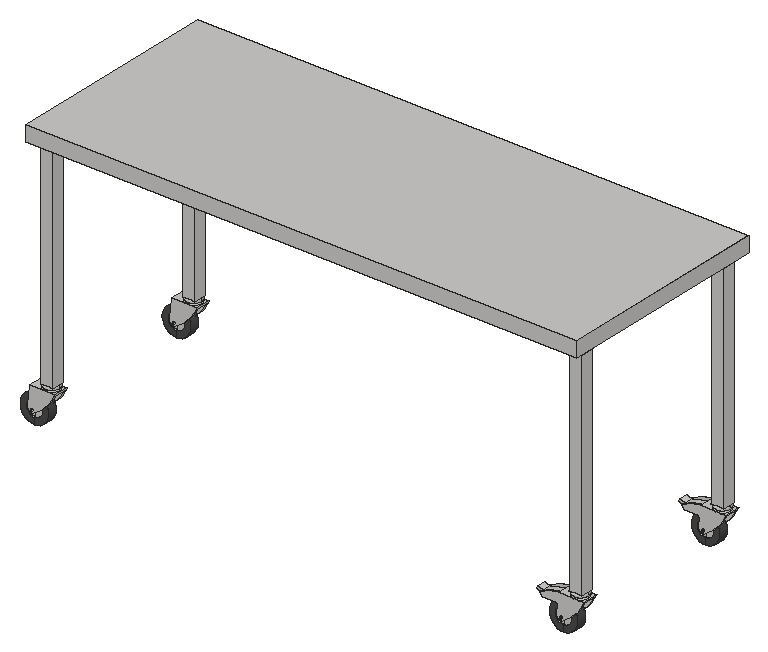
Revit family "QF_ELECTROLUXPROFESSIONAL_133243_TG1800MN", category Attrezzature speciali, Revit 2020
Family settings
  Quota connettore circolare = Usa diametro
  Tipo di parte = Normale
  Basato su piano di lavoro = No
  Sempre verticale = Sì
  Taglio con vuoti quando caricato = No
  Condiviso = No
  Punto di calcolo locali = No
Parameters (values of type "Standard")
  Weight = 54.00 kg
  Watts = 0 W
  Volts = 0 V
  URL Manufacturer = "https://www.electroluxprofessional.com/"
  URL = "https://www.electroluxprofessional.com/"
  Steam Supply Size = 0 mm
  Steam Supply Minimum Pressure = 0.0 Pa
  Steam Supply Maximum Pressure = 0.0 Pa
  Steam Consumption per Hour = 0
  Refrigeration Suction Line Size = 0.0 mm
  Refrigeration Liquid Line Size = 0.0 mm
  Refrigerant Compressor Remote = yes
  Prospetto di default = 0.0 mm
  Produttore = "Electrolux Professional"
  Phase = 0
  Modello = "TG1800MN"
  Length Actual = 1800.0 mm  # constant formula
  Item Number = "133243"
  Hot Water Size = 0 mm
  Height Actual = 900.0 mm  # constant formula
  HP = "0 HP"
  Gas Size = 0 mm
  Gas KW = 0
  Gas Input Pressure = 0 W
  Direct Waste Size = 0 mm
  Descrizione = "WORK TABLE ON WHEELS 1800 MM"
  Depth Actual = 700.0 mm  # constant formula
  Cycle = 0 Hz
  Condensate Return Size = 0 mm
  Compressed Air Volume = 0.0 L/s
  Compressed Air Size = 0 mm
  Compressed Air Pressure = 0.0 Pa
  Cold Water Size = 0 mm
  Accessory = yes
Reference planes
  plane 1 "Center (Front/Back)": y = 0
  plane 2: z = 0
  plane 3 "Center (Left/Right)": x = -300
  plane 4 "LEFT": x = -1200
  plane 5 "RIGHT": x = 600
  plane 6 "BACK": y = 350
  plane 7 "FRONT": y = -350
  plane 8 "Base": z = 850
  plane 9 "TOP": z = 900
  plane 10: x = -1164.5
  plane 11: x = 564.5
  plane 12: y = 290
  plane 13: y = -290
Forms (mm)
  Extrusion 1, solid, material "QF_Finishes_Stainless Steel"
    sketch origin (0, 0, 900) x (0, 1, 0) y (-1, 0, 0)
      loop
        line (350, 1200) -> (-350, 1200) -> (-350, -600) -> (350, -600) -> (350, 1200)
    from 0 to -50
  Extrusion 2, solid, material "QF_Finishes_Stainless Steel"
    sketch origin (-300, 0, 0) x (0, 1, 0) y (0, 0, 1)
      loop
        line (350, 900) -> (-350, 900) -> (-350, 850) -> (350, 850) -> (350, 900)
    from 900 to -900
Lines and regions (mm)
  symbolic lines
    curve 1: line (600, 350, 900) -> (-1200, 350, 900)
    curve 2: line (-1200, 350, 900) -> (-1200, -350, 900)
    curve 3: line (-1200, -350, 900) -> (600, -350, 900)
    curve 4: line (600, -350, 900) -> (600, 350, 900)
Dimensions and locks
  plane 4 "LEFT" to plane 5 "RIGHT" = 1800.0 mm
  equal spacing: plane 4 "LEFT", plane 3 "Center (Left/Right)", plane 5 "RIGHT"
  equal spacing: plane 6 "BACK", plane 1 "Center (Front/Back)", plane 7 "FRONT"
  plane 6 "BACK" to plane 7 "FRONT" = 700.0 mm
  plane 8 "Base" to level = 850.0 mm
  plane 9 "TOP" to level = 900.0 mm
  plane 6 "BACK" to plane 12 = 60.0 mm
  plane 13 to plane 7 "FRONT" = 60.0 mm
  plane 4 "LEFT" to plane 10 = 35.5 mm
  plane 11 to plane 5 "RIGHT" = 35.5 mm
  plane 10 to plane 11 = 1729.0 mm
  plane 12 to plane 13 = 580.0 mm
  aligned and locked: level to plane 2
  aligned and locked: plane 10 to nested 1
  aligned and locked: nested 1 to plane 13
  aligned and locked: plane 11 to nested 2
  aligned and locked: nested 2 to plane 13
  aligned and locked: plane 11 to nested 4
  aligned and locked: nested 4 to plane 12
  aligned and locked: plane 10 to nested 3
  aligned and locked: nested 3 to plane 12
  aligned and locked: Extrusion 1 sketch curve to plane 6 "BACK"
  aligned and locked: Extrusion 1 sketch curve to plane 4 "LEFT"
  aligned and locked: Extrusion 1 sketch curve to plane 7 "FRONT"
  aligned and locked: Extrusion 1 sketch curve to plane 5 "RIGHT"
  aligned and locked: plane 12 to nested 6
  aligned and locked: plane 11 to nested 6
  aligned and locked: plane 13 to nested 5
  aligned and locked: plane 10 to nested 5
  aligned and locked: plane 12 to nested 7
  aligned and locked: plane 10 to nested 7
  aligned and locked: plane 11 to nested 8
  aligned and locked: plane 13 to nested 8
  aligned and locked: Extrusion 2 sketch curve to plane 6 "BACK"
  aligned and locked: Extrusion 2 sketch curve to plane 9 "TOP"
  aligned and locked: plane 8 "Base" to Extrusion 2 sketch curve
  aligned and locked: plane 7 "FRONT" to Extrusion 2 sketch curve
  aligned and locked: Extrusion 2 to plane 4 "LEFT"
  aligned and locked: plane 5 "RIGHT" to Extrusion 2
  aligned and locked: plane 6 "BACK" to Extrusion 2
  aligned and locked: Extrusion 2 to plane 7 "FRONT"
Automatic sketch dimensions
  curve 2 to plane 4 "LEFT" = 0.0 mm
  curve 2 to plane 7 "FRONT" = 0.0 mm
  curve 2 to plane 6 "BACK" = 0.0 mm
  curve 1 to plane 5 "RIGHT" = 0.0 mm
Nested families
  nested 1: "FEET_40x40_WHEEL" at (-1164.5, -290, 0), type "FEET_40x40_WHEEL"
  nested 2: "FEET_40x40_WHEEL" at (564.5, -290, 0), type "FEET_40x40_WHEEL"
  nested 3: "FEET_40x40_WHEEL" at (-1164.5, 290, 0), type "FEET_40x40_WHEEL"
  nested 4: "FEET_40x40_WHEEL" at (564.5, 290, 0), type "FEET_40x40_WHEEL"
  nested 5: "WHEEL130" at (-1164.5, -190.35, 0), type "WHEEL130"
    with Type Mark "", Status "", Specification by User "", Revision Code "", Installed By "", Identify Quantity as Lot yes, Furnished By "", Foodservice Equipment Identifier yes
  nested 6: "WHEEL130_LOCKED" at (564.5, 389.65, 0), type "WHEEL130_LOCKED"
    with Type Mark "", Status "", Specification by User "", Revision Code "", Installed By "", Identify Quantity as Lot yes, Furnished By "", Foodservice Equipment Identifier yes
  nested 7: "WHEEL130" at (-1164.5, 389.65, 0), type "WHEEL130"
    with Type Mark "", Status "", Specification by User "", Revision Code "", Installed By "", Identify Quantity as Lot yes, Furnished By "", Foodservice Equipment Identifier yes
  nested 8: "WHEEL130_LOCKED" at (564.5, -190.35, 0), type "WHEEL130_LOCKED"
    with Type Mark "", Status "", Specification by User "", Revision Code "", Installed By "", Identify Quantity as Lot yes, Furnished By "", Foodservice Equipment Identifier yes
Definition of nested family "FEET_40x40_WHEEL"
  Parameters
    Default Elevation = 0.0 mm
    FEET = 850.0 mm
  Reference planes
    plane 1 "Center (Front/Back)": y = 0
    plane 2: z = 0
    plane 3 "Center (Left/Right)": x = 0
    plane 4: z = 850
  Forms (mm)
    Extrusion 1, solid
      sketch origin (0, 0, 0) x (1, 0, 0) y (0, 1, 0)
        loop
          line (-20, -20) -> (20, -20) -> (20, 20) -> (-20, 20) -> (-20, -20)
      from 130 to 845
    Extrusion 2, solid
      sketch origin (0, 0, 0) x (1, 0, 0) y (0, 1, 0)
        loop
          line (30, 30) -> (-30, 30) -> (-30, -30) -> (30, -30) -> (30, 30)
      from 845 to 850
  Lines and regions (mm)
    symbolic lines
      curve 1: line (0, -1.503, 0) -> (0, 1.508, 0)
      curve 2: line (1.561, 0, 0) -> (-1.439, 0, 0)
  Dimensions and locks
    "FEET": plane 4 to plane 2
    aligned and locked: level to plane 2
  Automatic sketch dimensions
    Extrusion 1 sketch curve to plane 3 "Center (Left/Right)" = 20.0 mm
    plane 3 "Center (Left/Right)" to Extrusion 1 sketch curve = 20.0 mm
    plane 1 "Center (Front/Back)" to Extrusion 1 sketch curve = 20.0 mm
    Extrusion 1 sketch curve to plane 1 "Center (Front/Back)" = 20.0 mm
    plane 3 "Center (Left/Right)" to Extrusion 2 sketch curve = 30.0 mm
    Extrusion 2 sketch curve to plane 1 "Center (Front/Back)" = 30.0 mm
    Extrusion 2 sketch curve to plane 3 "Center (Left/Right)" = 30.0 mm
    plane 1 "Center (Front/Back)" to Extrusion 2 sketch curve = 30.0 mm
    plane 1 "Center (Front/Back)" to curve 2 = 0.0 mm
    curve 1 to plane 3 "Center (Left/Right)" = 0.0 mm
    curve 2 to plane 3 "Center (Left/Right)" = 1.439 mm
    plane 3 "Center (Left/Right)" to curve 2 = 1.561 mm
    plane 1 "Center (Front/Back)" to curve 1 = 1.503 mm
    curve 1 to plane 1 "Center (Front/Back)" = 1.508 mm
Definition of nested family "WHEEL130"
  Parameters
    Weight = ""
    URL Manufacturer = ""
    URL Cutsheet = ""
    URL = ""
    Type Mark [instance] = ""
    Status [instance] = ""
    Specification by User [instance] = ""
    Specification by Manufacturer = ""
    Serial Number = ""
    Seismic Rating = ""
    SMACNA No = ""
    Revision Code [instance] = ""
    Default Elevation = 0.0 mm
    Omniclass Number and Title = ""
    NAFEM Spec ID Number = ""
    Model = ""
    MasterSpec. = ""
    Manufacturer = ""
    Installed By [instance] = ""
    Identify Quantity as Lot [instance] = yes
    Furnished By [instance] = ""
    Foodservice Equipment Identifier [instance] = yes
    Description = ""
    CSI MasterFormat = ""
    CSI Master Format = ""
    Assembly Code = ""
  Reference planes
    plane 1: z = 0
    plane 2 "Center (Front/Back)": y = -99.65
    plane 3 "Center (Left/Right)": x = 0
    plane 4 "TOP": z = 130
    plane 5 "Center X Caster": x = -44
  Forms (mm)
    Revolve 1, solid
      sketch origin (-44, -53.609, -25.504) x (0, -1, 0) y (0, 0, 1)
        loop
          line (26.04, 72.523) -> (26.04, 66.136) -> (35.372, 66.136) -> (35.372, 45.418) -> (31.533, 45.418) -> (31.533, 25.504) -> (60.548, 25.504) -> (60.548, 45.418) -> (56.709, 45.418) -> (56.709, 66.136) -> (66.04, 66.136) -> (66.04, 72.523) -> (26.04, 72.523)
        loop
          line (71.04, 69.259) -> (72.755, 69.259) -> (74.056, 70.56) -> (74.056, 72.523) -> (71.04, 72.523) -> (71.04, 69.259)
        loop
          line (21.099, 69.259) -> (21.099, 72.523) -> (18.053, 72.523) -> (18.053, 70.56) -> (19.353, 69.259) -> (21.099, 69.259)
        axis (18.053, 72.523) -> (74.056, 72.523)
      angle from 0 to 360
    Extrusion 2, solid
      sketch origin (0, -99.65, 0) x (-1, 0, 0) y (0, 0, 1)
        loop
          line (51.098, 117.019) -> (-30.875, 117.019) -> (-30.453, 113.093)
          arc (-30.453, 113.093) -> (-1.61, 71.515) -> (37.622, 39.556) r 180.858
          arc (37.622, 39.556) -> (51.933, 40.484) -> (57.92, 53.515) r 14
          line (57.92, 53.515) -> (51.098, 117.019)
        loop
          circle (44, 47.019) r 3.264
      from -20 to -25
    Extrusion 3, solid
      sketch origin (0, -99.65, 0) x (-1, 0, 0) y (0, 0, 1)
        loop
          line (51.098, 117.019) -> (-30.875, 117.019) -> (-30.453, 113.093)
          arc (-30.453, 113.093) -> (-1.61, 71.515) -> (37.622, 39.556) r 180.858
          arc (37.622, 39.556) -> (51.933, 40.484) -> (57.92, 53.515) r 14
          line (57.92, 53.515) -> (51.098, 117.019)
        loop
          circle (44, 47.019) r 3.264
      from 20 to 25
    Revolve 4, solid
      sketch origin (0, -99.65, 0) x (-1, 0, 0) y (0, 0, 1)
        loop
          line (0, 130) -> (-20, 130)
          arc (-20, 130) -> (-23.905, 128.171) -> (-25, 124) r 5.083
          line (-25, 124) -> (-22.422, 124) -> (-22.422, 121.88) -> (-24.688, 117.019) -> (0, 117.019) -> (0, 130)
        axis (0, 130) -> (0, 117.019)
      angle from 0 to 360
    Extrusion 5, solid
      sketch origin (0, -99.65, 0) x (-1, 0, 0) y (0, 0, 1)
        loop
          line (-30.875, 117.019) -> (-30.453, 113.093) -> (51.519, 113.093) -> (51.098, 117.019) -> (-30.875, 117.019)
      from -20 to 20
  Cuts and joins
    joined: Extrusion 2, Extrusion 3, Extrusion 5
  Lines and regions (mm)
    symbolic lines
      curve 1: line (-10, -99.65, 0) -> (10, -99.65, 0)
      curve 2: line (0, -108.445, 0) -> (0, -90.405, 0)
  Dimensions and locks
    plane 4 "TOP" to level = 130.0 mm  (x3)
    aligned and locked: level to plane 1
Definition of nested family "WHEEL130_LOCKED"
  Parameters
    Weight = ""
    URL Manufacturer = ""
    URL Cutsheet = ""
    URL = ""
    Type Mark [instance] = ""
    Status [instance] = ""
    Specification by User [instance] = ""
    Specification by Manufacturer = ""
    Serial Number = ""
    Seismic Rating = ""
    SMACNA No = ""
    Revision Code [instance] = ""
    Default Elevation = 0.0 mm
    Omniclass Number and Title = ""
    NAFEM Spec ID Number = ""
    Model = ""
    MasterSpec. = ""
    Manufacturer = ""
    Installed By [instance] = ""
    Identify Quantity as Lot [instance] = yes
    Furnished By [instance] = ""
    Foodservice Equipment Identifier [instance] = yes
    Description = ""
    CSI MasterFormat = ""
    CSI Master Format = ""
    Assembly Code = ""
  Reference planes
    plane 1: z = 0
    plane 2 "Center (Front/Back)": y = -99.65
    plane 3 "Center (Left/Right)": x = 0
    plane 4 "TOP": z = 130
    plane 5 "Center X Caster": x = -44
  Forms (mm)
    Revolve 1, solid
      sketch origin (-44, -53.609, -25.504) x (0, -1, 0) y (0, 0, 1)
        loop
          line (26.04, 72.523) -> (26.04, 66.136) -> (35.372, 66.136) -> (35.372, 45.418) -> (31.533, 45.418) -> (31.533, 25.504) -> (60.548, 25.504) -> (60.548, 45.418) -> (56.709, 45.418) -> (56.709, 66.136) -> (66.04, 66.136) -> (66.04, 72.523) -> (26.04, 72.523)
        loop
          line (71.04, 69.259) -> (72.755, 69.259) -> (74.056, 70.56) -> (74.056, 72.523) -> (71.04, 72.523) -> (71.04, 69.259)
        loop
          line (21.099, 69.259) -> (21.099, 72.523) -> (18.053, 72.523) -> (18.053, 70.56) -> (19.353, 69.259) -> (21.099, 69.259)
        axis (18.053, 72.523) -> (74.056, 72.523)
      angle from 0 to 360
    Extrusion 2, solid
      sketch origin (0, -99.65, 0) x (-1, 0, 0) y (0, 0, 1)
        loop
          line (56.125, 117.019) -> (-30.875, 117.019) -> (-30.453, 113.093)
          arc (-30.453, 113.093) -> (-1.61, 71.515) -> (37.622, 39.556) r 180.858
          arc (37.622, 39.556) -> (51.933, 40.484) -> (57.92, 53.515) r 14
          line (57.92, 53.515) -> (55.234, 78.516)
          arc (55.234, 78.516) -> (57.071, 84.203) -> (62.528, 86.637) r 7.337
          line (62.528, 86.637) -> (102.952, 86.637) -> (113.559, 97.243)
          arc (113.559, 97.243) -> (85.909, 110.231) -> (56.125, 117.019) r 142.32
        loop
          circle (44, 47.019) r 3.264
      from -20 to -25
    Extrusion 3, solid
      sketch origin (0, -99.65, 0) x (-1, 0, 0) y (0, 0, 1)
        loop
          line (56.125, 117.019) -> (-30.875, 117.019) -> (-30.453, 113.093)
          arc (-30.453, 113.093) -> (-1.61, 71.515) -> (37.622, 39.556) r 180.858
          arc (37.622, 39.556) -> (51.933, 40.484) -> (57.92, 53.515) r 14
          line (57.92, 53.515) -> (55.234, 78.516)
          arc (55.234, 78.516) -> (57.071, 84.203) -> (62.528, 86.637) r 7.337
          line (62.528, 86.637) -> (102.952, 86.637) -> (113.559, 97.243)
          arc (113.559, 97.243) -> (85.909, 110.231) -> (56.125, 117.019) r 142.32
        loop
          circle (44, 47.019) r 3.264
      from 20 to 25
    Extrusion 4, solid
      sketch origin (0, -99.65, 0) x (-1, 0, 0) y (0, 0, 1)
        loop
          line (133.012, 98.841) -> (130.309, 103.34) -> (113.559, 97.243)
          arc (113.559, 97.243) -> (84.897, 105.851) -> (55.427, 111.06) r 256.377
          line (55.427, 111.06) -> (44.82, 111.06)
          arc (44.82, 111.06) -> (37.781, 106.584) -> (38.85, 98.311) r 7.772
          line (38.85, 98.311) -> (105.452, 92.484) -> (114.112, 87.484) -> (133.012, 98.841)
        loop
          circle (44, 105.324) r 3.494
      from -14.507 to 14.507
    Extrusion 5, solid
      sketch origin (0, -99.65, 0) x (-1, 0, 0) y (0, 0, 1)
        loop
          circle (44, 105.324) r 3.494
      from -20 to 20
    Revolve 6, solid
      sketch origin (0, -99.65, 0) x (-1, 0, 0) y (0, 0, 1)
        loop
          line (0, 130) -> (-20, 130)
          arc (-20, 130) -> (-23.905, 128.171) -> (-25, 124) r 5.083
          line (-25, 124) -> (-22.422, 124) -> (-22.422, 121.88) -> (-24.688, 117.019) -> (0, 117.019) -> (0, 130)
        axis (0, 130) -> (0, 117.019)
      angle from 0 to 360
    Extrusion 7, solid
      sketch origin (0, -99.65, 0) x (-1, 0, 0) y (0, 0, 1)
        loop
          line (-30.875, 117.019) -> (-30.453, 113.093) -> (51.519, 113.093) -> (51.098, 117.019) -> (-30.875, 117.019)
      from -20 to 20
  Cuts and joins
    joined: Extrusion 2, Extrusion 3, Extrusion 7
  Lines and regions (mm)
    symbolic lines
      curve 1: line (11.908, -99.65, 0) -> (-11.403, -99.65, 0)
      curve 2: line (0, -111.652, 0) -> (0, -88.928, 0)
  Dimensions and locks
    plane 4 "TOP" to level = 130.0 mm  (x3)
    aligned and locked: level to plane 1
